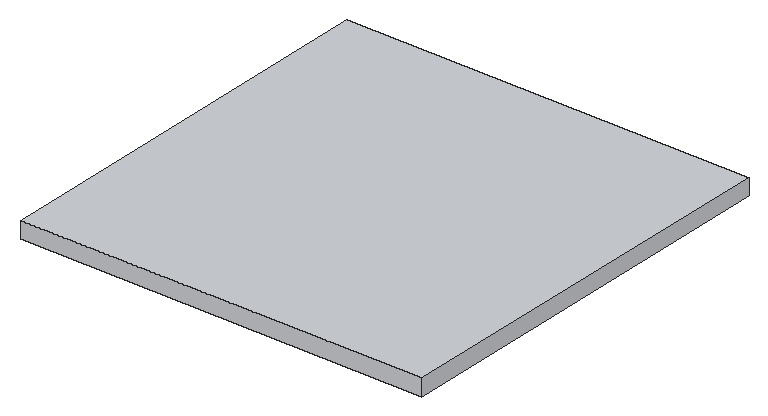
Revit family
Parameters (values of type "CV1804-1FS54(120V)")
  Wattage Comments = "54W"
  Wattage = 53.9957 W
  built-in parameter 1150110 = 1 (stored number, unit not read)
  Voltage = 120 V
  URL = "www.visalighting.com"
  built-in parameter 1150109 = 1 (stored number, unit not read)
  built-in parameter 1150134 = 3
  built-in parameter 1150113 = 1 (stored number, unit not read)
  Mounting Type-Location = "Wall / Ceiling"
  Model = "CV1804"
  Max Current = 0.52 A
  Manufacturer Description = "Raven"
  Manufacturer = "Visa Lighting"
  built-in parameter 1150105 = 397.89 (stored number, unit not read)
  Lumens per Lamp = 5000
  Lumens = Lamp Qty * Lumens per Lamp  # 5000 lm
  built-in parameter 1150115 = 1 (stored number, unit not read)
  Light Source Symbol Size = 0' - 2"
  built-in parameter 1150137 = (empty or 0)
  Light Loss Factor Comment = ".1"
  built-in parameter 1114217 = 1 (stored number, unit not read)
  built-in parameter 1150139 = (empty or 0)
  built-in parameter 1150112 = 1 (stored number, unit not read)
  Lamp Qty = 1
  built-in parameter 1150114 = 1 (stored number, unit not read)
  Lamp = "54W T5HO, Mini Bi-Pin"
  built-in parameter 1150132 = 2
  built-in parameter 1150102 = (empty or 0)
  built-in parameter 1150107 = 3200 (stored number, unit not read)
  built-in parameter 1150138 = (empty or 0)
  built-in parameter 1150106 = 3.9789 (stored number, unit not read)
  Emit from Line Length = 3' - 4"
  built-in parameter 1150104 = 8.6028 (stored number, unit not read)
  Dimming Lamp Color Temperature Shift = (empty or 0)
  Default Elevation = 6' - 0"
  Color Filter = 16777215
  built-in parameter 1140040 [instance] = 1
  Ballast Factor Comment = ".9"
  built-in parameter 1114218 = 1 (stored number, unit not read)
  built-in parameter 1150133 = 10 (stored number, unit not read)
  Assembly Code = ""
  Apparent Load = Max Current * Voltage  # 62.4 VA
Reference planes (in)
  plane 1 "Light Source Axis (F/B)": y = -0.76018
  plane 2: z = 0
  plane 3 "Light Source Axis (L/R)": x = 0
  plane 4 "Light Source Elevation": z = 0
  plane 5: x = 0
Forms (in)
  Extrusion 1, solid
    sketch origin (0, 0, 0) x (1, 0, 0) y (0, 1, 0)
      loop
        line (-48, 48) -> (-48, -49.64982) -> (48, -49.64982) -> (48, 48) -> (-48, 48)
    from 0 to -4
Dimensions and locks (in)
  locked: plane 5 to import instance at 0.99018
  aligned and locked: plane 2 to Extrusion 1
  aligned: level to Extrusion 1
  aligned: plane 1 "Light Source Axis (F/B)" to imposter light
  aligned: plane 3 "Light Source Axis (L/R)" to imposter light
  aligned and locked: plane 3 "Light Source Axis (L/R)" to imposter light
  aligned and locked: Extrusion 1 to import instance
  aligned and locked: plane 5 to plane 3 "Light Source Axis (L/R)"
Connectors (in)
  electrical at (0, -0.82491, 0), driven by "Apparent Load", driven by "Voltage", driven by "Apparent Load"
    settings: on Extrusion 1, index 1
